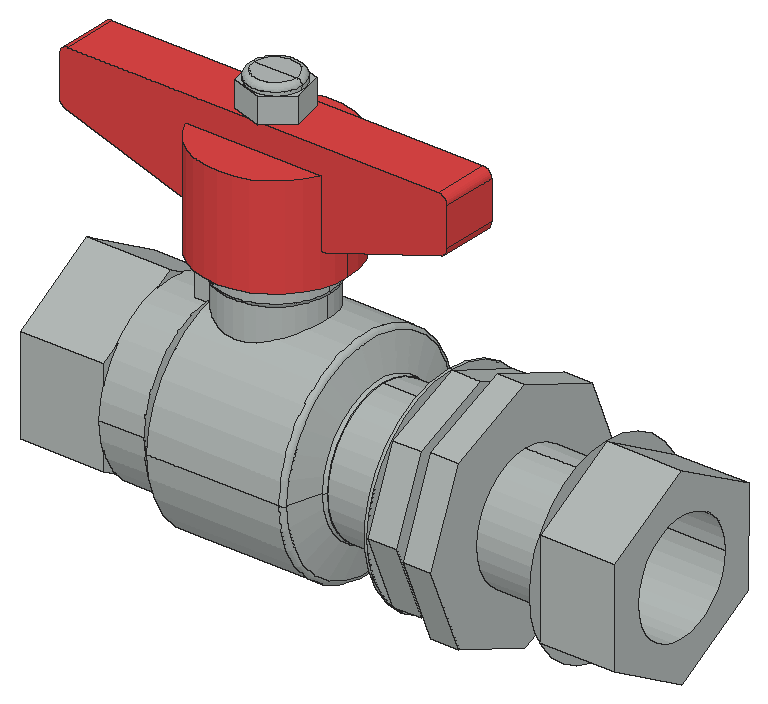
Revit family "QS25260000", category Apparecchi idraulici, Revit 2020
Family settings
  Quota connettore circolare = Usa diametro
  Tipo di parte = Normale
  Numero OmniClass = 23.45.00.00
  Titolo OmniClass = Sanitary, Laundry, and Cleaning Equipment
  Basato su piano di lavoro = No
  Sempre verticale = Sì
  Taglio con vuoti quando caricato = No
  Condiviso = No
  Punto di calcolo locali = No
Parameters
  URL = "https://web.cimberio.it/index.php/figura/521?subcategoria_id=43717"
  Temperatura di esercizio = "-20 ÷ 150°C"
  Prospetto di default = 0 mm
  Produttore = "CIMBERIO SPA"
  Pressione nominale = "PN 50 (3/4\"x3/4\" ÷ 1\"x3/4\")"
  Modello = "Cim 492"
  Materiale = "Prodotto in lega di ottone conforme alla norma EN 12165-CW617N-DW"
  Descrizione = "Utilizzato nei più svariati settori dell'impiantistica: reti di distribuzione acqua potabile, impianti di riscaldamento, condizionamento, igienico-sanitari e in generale con ogni fluido non corrosivo."
  DN Model [instance] = QS25262079 : QS25262079
  DN [instance] = 20 mm
  Commenti sul tipo = "Realizzato in ottemperanza ai requisiti gestionali della norma EN ISO 9001. Collaudato al 100% secondo la normativa EN 12266-1"
Reference planes
  plane 1 "Centro (Fronte/Retro)": y = 0
  plane 2: z = 0
  plane 3 "Centro (Sinistra/Destra)": x = 0
Dimensions and locks
  aligned and locked: level to plane 2
Nested families
  nested 1: "QS25262079" at (0, 0, 0), type <- "DN Model", type "QS25262079"
  nested 2: "QS25262079" at (0, 0, 0), type <- "DN Model", type "QS25262079"
Connectors
  piping at (73.4, 0, 0), diameter 20, driven by "DN"
    settings: on nested 1, index 1, connector inside diameter 609.6 mm, connector length 0 mm, flow factor 0, pipe flow 0.0 L/s, pressure drop 0.0 Pa, fitting loss kfactor 0, connector angle 0.00°, fixture units 0, engagement length 0 mm, angle of deflection 0.00°, flow configuration 0, flow direction 0, fitting loss method 0, system type 7, joint type 0, gender type 0, connector reference index -1, connector utility 0, adjustable connector no, is connector primary yes, connector description ""
  piping at (-34.1, 0, 0), diameter 20, driven by "DN"
    settings: on nested 1, index 2, connector inside diameter 609.6 mm, connector length 0 mm, flow factor 0, pipe flow 0.0 L/s, pressure drop 0.0 Pa, fitting loss kfactor 0, connector angle 0.00°, fixture units 0, engagement length 0 mm, angle of deflection 0.00°, flow configuration 0, flow direction 0, fitting loss method 0, system type 7, joint type 0, gender type 0, connector reference index -1, connector utility 0, adjustable connector no, is connector primary no, connector description ""
Definition of nested family "QS25262079"
  Parameters (values of type "QS25262079")
    Default Elevation = 0 mm
  Reference planes
    plane 1 "Centro (Fronte/Retro)": y = 0
    plane 2: z = 0
    plane 3 "Centro (Sinistra/Destra)": x = 0
  Forms (mm)
    Revolve 1, solid
      sketch origin (0, 0, 0) x (1, 0, 0) y (0, 1, 0)
        loop
          line (-19, 10) -> (17.609, 10) -> (19.375, 10) -> (19.375, 12.5)
          arc (19.375, 12.5) -> (18.97, 12.58) -> (18.678, 12.871) r 0.715
          line (18.678, 12.871) -> (17.1, 18.759)
          arc (17.1, 18.759) -> (16.743, 19.293) -> (16.134, 19.5) r 1
          line (16.134, 19.5) -> (-7.6, 19.5) -> (-11, 16.1) -> (-19, 16.1) -> (-19, 10)
        axis (-19, 0) -> (19.375, 0)
      angle from 0 to 360
    Extrusion 2, solid
      sketch origin (0, 0, 0) x (0, 1, 0) y (0, 0, 1)
        loop
          circle (0, 0) r 10
        loop
          line (0, 17.35) -> (-15.026, 8.675) -> (-15.026, -8.675) -> (0, -17.35) -> (15.026, -8.675) -> (15.026, 8.675) -> (0, 17.35)
      from -34.1 to -19
    Revolve 3, solid
      sketch origin (0, 0, 0) x (1, 0, 0) y (0, 0, 1)
        loop
          line (19.375, 10) -> (31.795, 10) -> (31.795, 19.029)
          arc (31.795, 19.029) -> (31.337, 18.973) -> (31.001, 18.658) r 0.743
          line (31.001, 18.658) -> (29.358, 12.529) -> (19.375, 12.529) -> (19.375, 10)
        axis (19.375, 0) -> (31.795, 0)
      angle from 0 to 360
    Extrusion 4, solid
      sketch origin (0, 0, 0) x (0, 1, 0) y (0, 0, 1)
        loop
          circle (0, 0) r 10
        loop
          line (0, 19) -> (-13.435, 13.435) -> (-19, 0) -> (-13.435, -13.435) -> (0, -19) -> (13.435, -13.435) -> (19, 0) -> (13.435, 13.435) -> (0, 19)
      from 31.795 to 37.1
    Revolve 5, solid
      sketch origin (0, 0, 0) x (1, 0, 0) y (0, 0, 1)
        loop
          line (59.815, 10) -> (59.815, 17.429) -> (57.9, 14.413) -> (57.9, 11.129) -> (45.1, 11.129) -> (45.1, 10) -> (59.815, 10)
        axis (45.1, 0) -> (59.815, 0)
      angle from 0 to 360
    Extrusion 6, solid
      sketch origin (0, 0, 0) x (0, 1, 0) y (0, 0, 1)
        loop
          circle (0, 0) r 10
        loop
          line (0, 17.35) -> (-15.026, 8.675) -> (-15.026, -8.675) -> (0, -17.35) -> (15.026, -8.675) -> (15.026, 8.675) -> (0, 17.35)
      from 59.815 to 73.4
    Revolve 7, solid
      sketch origin (0, 0, 0) x (1, 0, 0) y (0, 0, 1)
        loop
          line (0, 31.3) -> (-9.887, 31.3) -> (-9.887, 24)
          arc (-9.887, 24) -> (-9.744, 23.606) -> (-9.381, 23.397) r 0.612
          line (-9.381, 23.397) -> (-9.381, 12.734) -> (0, 12.734) -> (0, 31.3)
        axis (0, 31.3) -> (0, 12.734)
      angle from 0 to 360
    Extrusion 8, solid
      sketch origin (0, 0, 0) x (1, 0, 0) y (0, 0, 1)
        loop
          line (-15, 31.3) -> (-15, 24) -> (-13, 22.845) -> (-13, 12.845) -> (-7.035, 12.845) -> (-7.035, 31.3) -> (-15, 31.3)
      from 0 to 1.981
    Revolve 9, solid
      sketch origin (0, 0, 0.625) x (1, 0, 0) y (0, 0, 1)
        loop
          line (0, 32.8) -> (-8.3, 32.8) -> (-8.3, 31.3) -> (0, 31.3) -> (0, 32.8)
        axis (0, 32.8) -> (0, 31.3)
      angle from 0 to 360
    Revolve 10, solid
      sketch origin (0, 0, 0.625) x (1, 0, 0) y (0, 0, 1)
        loop
          line (10.545, 26.8) -> (13.134, 26.8) -> (13.134, 45.125) -> (0, 45.125) -> (0, 37.89) -> (10.545, 37.89) -> (10.545, 26.8)
        axis (0, 45.125) -> (0, 26.8)
      angle from 0 to 360
    Extrusion 11, solid
      sketch origin (0, 0, 0.625) x (1, 0, 0) y (0, 0, 1)
        loop
          arc (-35, 41.227) -> (-34.714, 40.345) -> (-33.964, 39.8) r 1.5
          line (-33.964, 39.8) -> (-13.136, 33.033) -> (13.136, 33.033) -> (33.964, 39.8)
          arc (33.964, 39.8) -> (34.714, 40.345) -> (35, 41.227) r 1.5
          line (35, 41.227) -> (35, 48.3)
          arc (35, 48.3) -> (34.561, 49.361) -> (33.5, 49.8) r 1.5
          line (33.5, 49.8) -> (-33.5, 49.8)
          arc (-33.5, 49.8) -> (-34.561, 49.361) -> (-35, 48.3) r 1.5
          line (-35, 48.3) -> (-35, 41.227)
      from -5 to 5
    Extrusion 12, solid
      sketch origin (0, 0, 0.625) x (0.878531, -0.477685, 0) y (0.477685, 0.878531, 0)
        loop
          line (1.88, 5.461) -> (-3.789, 4.359) -> (-5.669, -1.102) -> (-1.88, -5.461) -> (3.789, -4.359) -> (5.669, 1.102) -> (1.88, 5.461)
      from 49.8 to 54.3
    Revolve 13, solid
      sketch origin (0, 0, 0.625) x (1, 0, 0) y (0, 0, 1)
        loop
          line (3.75, 55.8) -> (0, 55.8) -> (0, 53.912) -> (4.75, 53.912) -> (4.75, 54.8)
          arc (4.75, 54.8) -> (4.457, 55.507) -> (3.75, 55.8) r 1
        axis (0, 55.8) -> (0, 53.912)
      angle from 0 to 360
    Revolve 14, solid
      sketch origin (0, 0, 0) x (1, 0, 0) y (0, 0, 1)
        loop
          line (37.1, 10) -> (40.1, 10) -> (40.1, 16.529) -> (38.6, 16.529) -> (38.6, 13.154) -> (37.1, 13.154) -> (37.1, 10)
        axis (37.1, 0) -> (40.1, 0)
      angle from 0 to 360
    Extrusion 15, solid
      sketch origin (0, 0, 0) x (0, 1, 0) y (0, 0, 1)
        loop
          circle (0, 0) r 10
        loop
          line (0, 21.25) -> (-15.026, 15.026) -> (-21.25, 0) -> (-15.026, -15.026) -> (0, -21.25) -> (15.026, -15.026) -> (21.25, 0) -> (15.026, 15.026) -> (0, 21.25)
      from 40.1 to 45.1
  Dimensions and locks
    aligned and locked: level to plane 2
